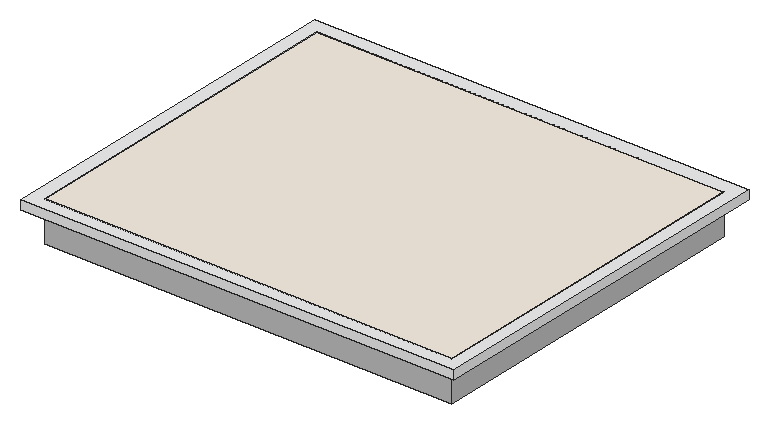
Revit family "Lighting-Industrial-GEWISS-ELIA-HL-LED_HIGHBAY", category Apparecchi per illuminazione, host Superficie, Revit 2019 (continued)
Types (12, lengths in mm): name | Weight (kg): | Weight (kg) | Voltage | Technical sheet | System power | Optic | built-in parameter 1150142 | Lumen output (lm) | Model | IDT | File diagramma fotometrico | Description
    10 368.04 \r\n352.58 336.15 319.30 301.89 284.31 265.38 243.66 221.32 \r\n200.77 179.79 156.18 132.16 109.10 87.13 66.39 48.11 \r\n33.80 22.68 14.68 9.30 5.93 4.79 \r\n20514.31 20512.92 20504.56 20493.42 20475.32 20453.04 \r\n20423.80 20393.16 20359.74 20319.36 20274.80 20223.28 \r\n20171.76 20114.66 20056.18 19994.91 19930.85 19864.01 \r\n19791.60 19716.41 19638.43 19553.49 19467.15 19373.85 \r\n19279.16 19177.51 19073.07 18965.85 18853.06 18740.26 \r\n18621.90 18500.76 18375.43 18245.93 18113.64 17979.96 \r\n17843.50 17702.85 17560.82 17416.00 17269.78 17118.00 \r\n16959.26 16787.98 16609.74 16427.32 16236.55 16036.03 \r\n15828.55 15614.10 15395.48 15168.50 14935.95 14696.45 \r\n14445.80 14175.65 13888.80 13589.41 13281.67 12972.53 \r\n12657.83 12336.16 12008.92 11681.68 11360.01 11050.88 \r\n10751.49 10460.46 10176.39 9896.50 9620.78 9345.07 \r\n9070.75 8803.39 8541.59 8278.41 8020.80 7765.97 7518.11 \r\n7278.60 7041.87 6810.72 6586.53 6366.51 6154.85 5951.55 \r\n5751.03 5549.11 5349.98 5156.43 4972.62 4795.77 4624.49 \r\n4454.61 4288.90 4124.59 3967.23 3819.63 3677.59 3539.74 \r\n3408.84 3280.73 3155.41 3035.65 2921.47 2808.67 2702.15 \r\n2597.71 2496.89 2400.39 2307.79 2219.51 2134.28 2050.87 \r\n1970.67 1895.05 1822.78 1752.18 1683.95 1617.67 1554.31 \r\n1494.57 1437.62 1381.78 1328.45 1278.18 1230.55 1185.30 \r\n1141.57 1098.54 1056.63 1016.11 977.81 942.17 908.75 \r\n876.58 845.53 815.59 785.93 756.27 726.47 696.39 667.56 \r\n642.08 618.27 595.71 573.85 552.13 530.26 507.57 485.15 \r\n463.56 443.51 426.94 412.88 402.85 393.38 380.99 367.06 \r\n351.61 335.17 318.05 300.22 282.40 263.41 241.71 219.42 \r\n198.79 177.75 154.30 130.48 107.64 85.95 65.64 47.76 \r\n33.64 22.63 14.66 9.26 5.91 4.76 \r\n20514.31 20512.92 20504.56 20493.42 20475.32 20451.65 \r\n20423.80 20394.56 20359.74 20320.75 20276.19 20226.06 \r\n20173.15 20116.06 20058.96 19997.69 19933.64 19866.80 \r\n19794.39 19719.19 19641.21 19556.27 19469.94 19376.64 \r\n19280.56 19181.69 19077.25 18971.42 18860.02 18744.44 \r\n18628.87 18507.72 18382.39 18252.89 18122.00 17986.92 \r\n17850.46 17711.21 17567.78 17424.35 17275.35 17124.97 \r\n16966.22 16797.73 16620.88 16437.07 16246.30 16047.17 \r\n15838.30 15625.24 15406.62 15181.04 14949.88 14710.37 \r\n14459.72 14190.97 13906.90 13606.12 13296.98 12987.85 \r\n12670.36 12347.30 12018.67 11687.25 11361.41 11052.27 \r\n10750.10 10459.07 10173.61 9893.71 9618.00 9340.89 \r\n9066.57 8799.21 8537.42 8272.84 8015.23 7760.40 7512.54 \r\n7273.03 7036.30 6805.15 6578.17 6359.55 6146.49 5943.19 \r\n5742.67 5540.76 5343.02 5152.25 4969.83 4792.98 4621.71 \r\n4453.22 4287.51 4124.59 3967.23 3821.02 3678.99 3542.52 \r\n3411.63 3283.52 3159.58 3041.22 2924.25 2814.24 2707.16 \r\n2603.28 2503.16 2406.80 2314.34 2225.08 2138.88 2054.63 \r\n1973.73 1897.84 1825.15 1754.41 1685.76 1619.34 1555.70 \r\n1495.96 1438.87 1383.45 1330.39 1279.99 1231.94 1186.69 \r\n1142.69 1099.80 1058.02 1017.36 978.65 942.72 908.88 \r\n876.02 844.97 815.59 786.90 757.24 727.30 696.95 667.70 \r\n642.08 618.41 595.85 573.99 552.13 530.26 507.71 485.56 \r\n463.84 443.93 426.80 412.46 401.88 391.99 379.87 366.09 \r\n350.77 334.20 316.65 298.41 280.39 261.41 239.77 217.52 \r\n196.80 175.71 152.35 128.74 106.15 84.76 64.90 47.43 \r\n33.50 22.58 14.63 9.23 5.87 4.74 \r\n20514.31 20512.92 20504.56 20493.42 20475.32 20451.65 \r\n20425.19 20394.56 20361.14 20322.15 20278.98 20227.45 \r\n20174.54 20118.84 20061.75 20000.48 19935.03 19868.19 \r\n19797.17 19723.37 19644.00 19559.06 19471.33 19380.81 \r\n19284.73 19185.87 19081.43 18975.60 18864.20 18751.40 \r\n18634.44 18513.29 18389.35 18261.25 18128.96 17995.28 \r\n17858.81 17718.17 17574.74 17429.92 17283.71 17130.53 \r\n16973.18 16806.08 16629.24 16446.82 16256.05 16056.92 \r\n15849.44 15636.38 15417.76 15192.18 14961.02 14722.90 \r\n14472.25 14206.29 13923.61 13624.22 13313.69 13000.38 \r\n12682.89 12357.05 12025.63 11692.82 11364.19 11050.88 \r\n10748.71 10456.28 10170.82 9890.93 9613.82 9336.71 \r\n9061.00 8793.64 8529.06 8267.27 8009.66 7754.83 7505.58 \r\n7264.67 7029.34 6796.79 6571.21 6351.19 6138.14 5933.44 \r\n5734.32 5533.80 5337.45 5146.68 4964.26 4788.81 4617.53 \r\n4450.43 4284.72 4124.59 3968.63 3821.02 3680.38 3545.31 \r\n3414.41 3286.30 3163.76 3044.01 2929.82 2818.42 2712.03 \r\n2608.71 2509.15 2413.34 2320.60 2230.78 2143.34 2058.39 \r\n1976.93 1900.48 1827.52 1756.36 1687.57 1620.87 1557.09 \r\n1497.22 1440.12 1384.98 1332.07 1281.66 1233.48 1187.66 \r\n1143.80 1100.91 1059.27 1018.47 979.48 943.14 908.88 \r\n875.60 844.27 815.73 787.88 758.22 728.00 697.22 667.70 \r\n642.22 618.55 595.99 573.99 551.99 529.99 507.71 485.70 \r\n464.26 444.35 426.80 411.90 400.76 390.60 378.48 365.11 \r\n349.94 333.36 315.26 296.74 278.56 259.42 237.85 215.70 \r\n194.84 173.64 150.40 127.00 104.65 83.56 64.17 47.14 \r\n33.39 22.54 14.61 9.19 5.84 4.71 \r\n20514.31 20512.92 20504.56 20492.03 20475.32 20451.65 \r\n20425.19 20395.95 20362.53 20323.54 20278.98 20230.24 \r\n20175.93 20120.23 20063.14 20001.87 19937.81 19870.98 \r\n19798.56 19724.76 19646.78 19561.84 19475.51 19383.60 \r\n19287.52 19190.04 19085.60 18979.78 18871.16 18756.98 \r\n18641.40 18520.25 18397.71 18268.21 18135.92 18000.85 \r\n17864.38 17723.74 17581.70 17436.89 17289.28 17137.50 \r\n16981.54 16813.05 16637.59 16455.17 16265.79 16065.27 \r\n15859.18 15646.13 15427.51 15203.32 14972.16 14734.04 \r\n14486.18 14220.21 13940.32 13639.54 13329.01 13014.31 \r\n12695.42 12366.79 12033.99 11697.00 11365.59 11049.49 \r\n10745.92 10453.50 10168.04 9888.14 9608.25 9329.75 \r\n9055.43 8788.07 8522.10 8258.92 8001.31 7747.87 7500.01 \r\n7259.10 7023.77 6791.22 6562.85 6342.84 6129.78 5925.09 \r\n5725.96 5526.83 5330.49 5142.50 4961.48 4786.02 4613.35 \r\n4446.25 4283.33 4123.19 3968.63 3822.41 3681.77 3545.31 \r\n3415.80 3287.69 3166.55 3048.18 2934.00 2822.60 2716.49 \r\n2614.00 2514.99 2419.61 2326.73 2236.08 2147.65 2062.01 \r\n1979.72 1902.99 1829.75 1758.17 1689.10 1622.26 1558.21 \r\n1498.33 1441.24 1386.37 1333.60 1282.91 1234.59 1188.64 \r\n1144.63 1101.89 1060.25 1019.45 980.04 943.42 908.75 \r\n875.05 843.44 815.73 788.57 758.91 728.56 697.50 667.84 \r\n642.22 618.55 595.99 573.99 551.71 529.71 507.71 485.98 \r\n464.54 444.49 426.80 411.34 399.51 388.79 377.09 364.00 \r\n348.96 332.53 314.15 294.93 276.59 257.43 235.99 213.94 \r\n192.94 171.60 148.45 125.27 103.16 82.41 63.46 46.82 \r\n33.28 22.50 14.58 9.15 5.80 4.68 \r\n20514.31 20511.53 20504.56 20492.03 20475.32 20451.65 \r\n20425.19 20395.95 20362.53 20324.93 20280.37 20231.63 \r\n20178.72 20123.02 20065.92 20003.26 19939.21 19870.98 \r\n19799.96 19727.55 19648.17 19564.63 19478.29 19387.78 \r\n19291.70 19192.83 19091.17 18983.95 18875.34 18762.55 \r\n18646.97 18527.21 18403.28 18275.17 18142.88 18009.20 \r\n17869.95 17730.70 17587.28 17442.45 17294.85 17144.46 \r\n16988.50 16821.40 16645.95 16464.92 16274.15 16075.02 \r\n15867.54 15657.27 15438.65 15213.06 14983.30 14745.18 \r\n14497.32 14234.14 13954.24 13653.46 13342.94 13026.84 \r\n12705.17 12375.15 12040.95 11699.79 11365.59 11049.49 \r\n10743.14 10449.32 10163.86 9881.18 9602.68 9324.18 \r\n9048.47 8779.71 8512.35 8251.95 7992.95 7739.51 7493.04 \r\n7252.14 7018.20 6784.26 6555.89 6334.48 6120.04 5916.73 \r\n5717.61 5519.87 5323.53 5136.93 4957.30 4780.45 4607.78 \r\n4442.07 4280.55 4120.41 3968.63 3822.41 3681.77 3545.31 \r\n3415.80 3290.48 3167.94 3050.97 2936.78 2826.78 2720.53 \r\n2618.60 2520.29 2425.18 2332.44 2240.95 2151.69 2065.22 \r\n1982.50 1905.22 1831.42 1759.56 1690.22 1623.10 1558.90 \r\n1498.89 1441.79 1387.35 1334.99 1284.16 1235.57 1189.33 \r\n1145.19 1102.58 1061.22 1020.15 980.60 943.42 908.33 \r\n874.21 842.60 815.59 789.13 759.61 729.11 697.78 667.84 \r\n642.08 618.41 595.85 573.71 551.43 529.43 507.43 486.12 \r\n464.82 444.63 426.52 410.51 398.26 387.39 375.42 362.75 \r\n348.13 331.69 312.76 293.26 274.64 255.47 234.18 212.27 \r\n191.12 169.62 146.57 123.57 101.71 81.25 62.77 46.55 \r\n33.17 22.46 14.56 9.11 5.77 4.65 \r\n20514.31 20511.53 20504.56 20492.03 20475.32 20453.04 \r\n20426.58 20397.34 20363.92 20326.32 20281.76 20233.03 \r\n20180.11 20124.41 20065.92 20006.05 19940.60 19872.37 \r\n19802.74 19727.55 19650.96 19567.41 19481.08 19390.56 \r\n19294.48 19197.01 19096.75 18990.92 18880.91 18768.12 \r\n18651.15 18532.78 18408.85 18280.74 18149.85 18014.77 \r\n17876.92 17736.27 17594.24 17448.03 17300.42 17151.42 \r\n16994.07 16828.36 16654.30 16471.88 16281.11 16083.38 \r\n15877.29 15665.63 15447.00 15222.81 14993.05 14754.93 \r\n14508.46 14246.67 13968.17 13668.78 13355.47 13037.98 \r\n12714.92 12383.50 12046.52 11703.96 11365.59 11046.70 \r\n10738.96 10446.54 10159.68 9877.00 9597.11 9317.22 \r\n9041.50 8769.97 8504.00 8240.82 7983.20 7732.55 7484.69 \r\n7245.18 7011.24 6777.30 6550.32 6326.13 6113.08 5909.77 \r\n5710.64 5511.52 5317.96 5132.76 4953.12 4776.28 4602.21 \r\n4436.51 4274.98 4117.62 3965.84 3819.63 3680.38 3545.31 \r\n3415.80 3290.48 3170.72 3052.36 2939.57 2829.56 2723.59 \r\n2622.36 2524.74 2429.77 2337.03 2244.99 2154.89 2067.86 \r\n1984.45 1906.61 1832.53 1760.54 1690.91 1623.52 1559.32 \r\n1499.17 1442.21 1388.04 1335.83 1285.00 1236.12 1189.61 \r\n1145.33 1103.00 1061.64 1020.56 980.74 943.28 907.63 \r\n873.10 841.49 815.03 789.41 760.03 729.25 698.06 667.98 \r\n642.22 618.27 595.43 573.29 551.01 528.73 507.29 485.98 \r\n464.96 444.76 426.24 409.81 397.00 385.72 374.03 361.49 \r\n347.29 331.00 311.64 291.45 272.74 253.56 232.45 210.69 \r\n189.38 167.71 144.75 121.94 100.32 80.18 62.11 46.29 \r\n33.07 22.41 14.53 9.07 5.73 4.62 \r\n20514.31 20511.53 20504.56 20492.03 20475.32 20453.04 \r\n20426.58 20397.34 20363.92 20327.72 20284.55 20234.42 \r\n20181.50 20125.80 20068.71 20006.05 19941.99 19875.15 \r\n19802.74 19728.94 19650.96 19570.20 19483.86 19391.95 \r\n19298.66 19201.18 19099.53 18995.09 18886.48 18773.69 \r\n18656.72 18538.35 18415.81 18287.70 18156.81 18020.34 \r\n17882.49 17741.84 17598.42 17453.60 17305.99 17155.60 \r\n17001.03 16833.93 16661.26 16480.24 16289.47 16091.73 \r\n15885.64 15672.59 15455.36 15232.56 15002.80 14766.07 \r\n14518.20 14257.81 13980.70 13681.31 13368.00 13049.12 \r\n12723.27 12390.47 12050.69 11706.75 11366.98 11043.92 \r\n10736.18 10439.57 10154.11 9870.04 9588.76 9310.26 \r\n9033.15 8761.61 8494.25 8232.46 7974.85 7722.81 7477.73 \r\n7239.61 7002.88 6771.73 6543.36 6320.56 6104.72 5901.42 \r\n5705.07 5505.94 5310.99 5127.19 4947.55 4770.71 4598.03 \r\n4430.94 4270.80 4113.44 3961.66 3816.84 3677.59 3543.91 \r\n3414.41 3289.09 3170.72 3053.75 2940.96 2830.95 2725.54 \r\n2625.00 2527.94 2433.39 2340.65 2247.91 2157.40 2069.67 \r\n1985.84 1907.73 1833.09 1760.82 1691.05 1623.52 1559.04 \r\n1498.89 1442.07 1388.18 1336.24 1285.42 1236.40 1189.75 \r\n1145.19 1102.86 1061.92 1020.56 980.60 942.72 906.66 \r\n871.98 840.23 814.61 789.69 760.17 729.25 697.92 667.98 \r\n642.08 617.99 595.02 572.74 550.32 528.18 506.73 485.84 \r\n464.96 444.63 425.83 408.70 395.75 384.05 372.49 360.24 \r\n346.31 330.16 310.39 289.78 270.88 251.72 230.81 209.24 \r\n187.79 165.96 143.05 120.41 99.01 79.16 61.49 46.04 32.96 \r\n22.36 14.50 9.03 5.70 4.59 \r\n20514.31 20511.53 20504.56 20492.03 20475.32 20453.04 \r\n20426.58 20397.34 20366.70 20329.11 20285.94 20235.81 \r\n20182.90 20128.59 20070.10 20008.83 19943.39 19875.15 \r\n19804.14 19731.73 19653.75 19571.59 19485.25 19394.74 \r\n19301.44 19203.97 19103.71 18999.27 18892.05 18779.26 \r\n18662.28 18543.92 18421.38 18293.27 18160.99 18025.91 \r\n17888.06 17747.41 17603.99 17459.17 17310.17 17161.17 \r\n17006.60 16840.90 16668.23 16487.20 16296.43 16098.69 \r\n15892.60 15680.94 15463.71 15239.52 15011.15 14774.43 \r\n14527.95 14268.95 13991.84 13692.45 13379.14 13058.86 \r\n12731.63 12396.04 12056.26 11708.14 11366.98 11042.53 \r\n10732.00 10435.40 10148.54 9864.47 9583.19 9301.90 \r\n9024.79 8751.86 8484.50 8222.71 7965.10 7714.45 7469.37 \r\n7231.25 6997.31 6764.77 6537.79 6313.60 6099.15 5894.45 \r\n5698.11 5498.98 5305.43 5123.01 4943.38 4765.14 4589.68 \r\n4423.97 4263.84 4107.88 3957.49 3814.06 3674.81 3539.74 \r\n3411.63 3287.69 3167.94 3053.75 2939.57 2830.95 2726.38 \r\n2626.53 2529.89 2435.48 2342.74 2249.72 2158.65 2070.65 \r\n1986.40 1907.73 1832.95 1760.40 1690.50 1622.82 1558.21 \r\n1498.05 1441.38 1387.90 1336.24 1285.14 1235.98 1189.06 \r\n1144.50 1102.44 1061.36 1020.15 980.04 941.75 905.40 \r\n870.59 838.84 813.78 789.41 759.89 728.83 697.78 667.84 \r\n641.66 617.43 594.46 572.04 549.48 527.20 506.17 485.56 \r\n464.68 444.49 424.99 407.72 394.36 382.52 370.96 358.99 \r\n345.20 329.33 309.27 288.11 269.10 249.97 229.28 207.90 \r\n186.33 164.34 141.49 119.00 97.81 78.24 60.94 45.80 32.86 \r\n22.31 14.46 8.99 5.67 4.56 \r\n20514.31 20511.53 20504.56 20492.03 20475.32 20453.04 \r\n20427.98 20398.73 20366.70 20329.11 20285.94 20237.20 \r\n20185.68 20128.59 20071.50 20008.83 19944.78 19876.55 \r\n19805.53 19731.73 19653.75 19574.37 19488.04 19398.92 \r\n19305.62 19209.54 19109.28 19006.23 18897.62 18784.83 \r\n18669.25 18549.49 18425.56 18298.84 18165.16 18031.48 \r\n17892.23 17751.59 17609.56 17464.74 17317.13 17165.35 \r\n17010.78 16846.47 16673.80 16492.77 16304.78 16107.05 \r\n15900.96 15689.30 15470.68 15246.48 15016.72 14781.39 \r\n14533.52 14273.13 13997.41 13698.02 13384.71 13064.44 \r\n12735.81 12400.21 12059.05 11712.32 11366.98 11041.13 \r\n10729.21 10431.22 10141.58 9857.51 9574.83 9292.15 \r\n9013.65 8739.33 8471.97 8210.18 7955.35 7704.70 7461.01 \r\n7224.29 6991.74 6760.59 6533.61 6312.20 6096.37 5891.67 \r\n5693.93 5496.20 5301.25 5116.05 4935.02 4755.39 4581.32 \r\n4412.83 4249.91 4092.56 3942.17 3797.35 3660.88 3527.20 \r\n3399.09 3275.16 3156.80 3041.22 2929.82 2821.20 2717.19 \r\n2617.48 2520.98 2426.43 2333.55 2241.09 2150.72 2063.41 \r\n1979.86 1901.46 1826.68 1754.27 1684.65 1616.83 1552.08 \r\n1492.48 1436.22 1383.03 1331.65 1280.82 1231.39 1184.74 \r\n1140.32 1098.13 1057.05 1016.11 976.00 937.43 901.09 \r\n866.83 835.78 810.99 786.90 757.24 726.33 696.11 667.01 \r\n640.27 615.35 592.23 569.95 547.39 525.25 504.36 483.75 \r\n462.87 442.54 423.18 405.64 392.96 381.55 369.43 356.62 \r\n343.25 327.93 307.74 286.30 267.36 248.42 228.08 207.05 \r\n185.56 163.58 140.70 118.21 97.17 77.77 60.59 45.55 32.67 \r\n22.17 14.38 8.96 5.65 4.55 \r\n20514.31 20511.53 20504.56 20492.03 20475.32 20453.04 \r\n20427.98 20398.73 20368.10 20330.50 20287.33 20238.60 \r\n20185.68 20129.98 20071.50 20010.23 19944.78 19876.55 \r\n19806.92 19733.12 19655.14 19575.76 19492.22 19401.70 \r\n19308.40 19213.72 19114.85 19010.41 18901.80 18790.40 \r\n18673.42 18553.67 18431.13 18303.02 18170.73 18034.27 \r\n17897.80 17755.77 17613.73 17467.52 17321.31 17170.92 \r\n17013.56 16850.64 16679.37 16501.13 16311.75 16114.01 \r\n15907.92 15696.26 15477.64 15253.45 15023.68 14785.57 \r\n14537.70 14277.30 14000.19 13702.20 13390.28 13068.61 \r\n12739.98 12404.39 12061.84 11712.32 11368.37 11039.74 \r\n10725.04 10425.65 10134.61 9849.15 9566.48 9283.80 \r\n9003.91 8728.19 8459.44 8199.04 7944.21 7694.96 7452.66 \r\n7217.33 6986.17 6755.02 6530.83 6309.42 6094.97 5891.67 \r\n5691.15 5493.41 5298.46 5110.48 4926.66 4747.03 4570.19 \r\n4398.91 4233.20 4075.85 3925.46 3783.42 3645.57 3513.28 \r\n3385.17 3262.63 3144.27 3028.69 2917.29 2811.46 2707.02 \r\n2607.46 2510.68 2415.85 2322.97 2231.34 2141.94 2055.47 \r\n1972.62 1894.50 1819.72 1747.59 1678.10 1610.29 1545.68 \r\n1486.35 1430.52 1377.60 1326.63 1275.81 1226.65 1180.28 \r\n1135.86 1093.39 1052.45 1011.51 971.55 932.84 896.35 \r\n862.93 832.58 808.21 784.12 754.18 723.40 694.30 666.03 \r\n638.60 612.84 589.72 567.72 545.30 523.16 502.55 482.08 \r\n461.06 440.73 421.09 403.55 391.43 380.71 367.76 354.25 \r\n341.44 326.40 306.21 284.63 265.73 246.99 227.01 206.33 \r\n184.95 162.98 140.07 117.54 96.64 77.41 60.30 45.31 32.47 \r\n22.02 14.29 8.92 5.64 4.54 \r\n20514.31 20511.53 20504.56 20492.03 20475.32 20453.04 \r\n20427.98 20400.13 20368.10 20330.50 20287.33 20238.60 \r\n20187.07 20131.37 20072.89 20010.23 19944.78 19876.55 \r\n19805.53 19733.12 19656.53 19578.55 19495.00 19404.49 \r\n19313.98 19217.89 19117.63 19015.98 18907.37 18794.57 \r\n18677.60 18559.24 18435.31 18305.81 18174.91 18038.45 \r\n17900.59 17759.95 17617.91 17473.09 17325.49 17173.70 \r\n17019.14 16854.82 16684.94 16506.70 16317.32 16120.97 \r\n15916.28 15703.22 15481.82 15259.01 15027.86 14791.14 \r\n14541.88 14280.09 14002.98 13704.99 13394.46 13072.79 \r\n12742.77 12405.78 12064.62 11715.10 11366.98 11038.35 \r\n10722.25 10421.47 10129.05 9840.80 9558.12 9275.44 \r\n8994.16 8718.44 8448.30 8186.51 7934.47 7686.60 7445.70 \r\n7210.36 6979.21 6
